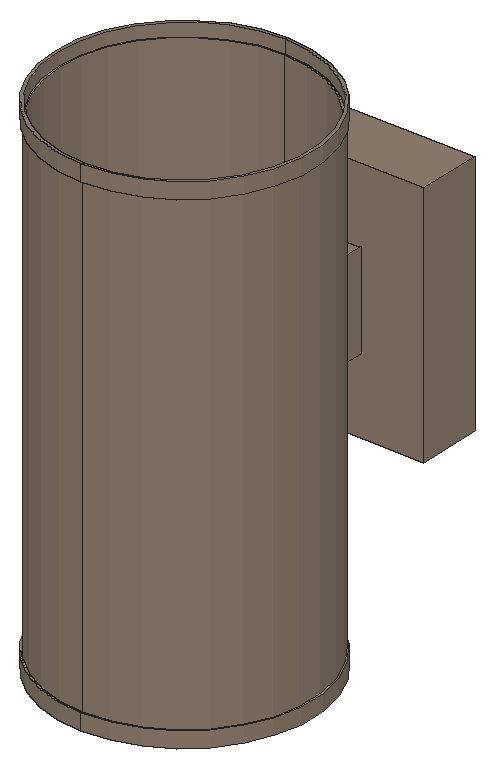
Revit family "CYBU816 - LED-CF", category Lighting Fixtures, host Wall, Revit 2024
Family settings
  Host = Wall
  Round Connector Dimension = Use Diameter
  Part Type = Normal
  OmniClass Number = 23.80.70.00
  OmniClass Title = Lighting
  Always vertical = Yes
  Cut with Voids When Loaded = No
  Light Source = No
  Maintain Annotation Orientation = No
  Shared = No
  Room Calculation Point = No
Parameters
  Default Elevation = 0' - 0"
Reference planes (in)
  plane 1: y = 0
  plane 2 "Light Source Axis (F/B)": y = 8
  plane 3 "Light Source Axis (L/R)": x = -1.43133
  plane 4 "Light Source Elevation": z = 77.42225
Forms (in)
  Extrusion 1, solid, material "86"
    sketch origin (-1.43133, 0, 0) x (0, -1, 0) y (0, 0, 1)
      loop
        line (3, 81.29725) -> (3, 73.54725) -> (5, 73.54725) -> (5, 81.29725) -> (3, 81.29725)
    from -2.75 to 2.75
  Extrusion 2, solid, material "86"
    sketch origin (-1.43133, 0, 0) x (0, -1, 0) y (0, 0, 1)
      loop
        line (5, 78.92225) -> (5, 75.92225) -> (7.09879, 75.92225) -> (7.09879, 78.92225) -> (5, 78.92225)
    from -0.75 to 0.75
  Revolve 3, solid, material "86"
    sketch origin (-1.43133, 0, 0) x (0, -1, 0) y (0, 0, 1)
      loop
        line (6.9375, 84.92225) -> (7, 84.92225) -> (7, 69.92225) -> (6.9375, 69.92225) -> (6.9375, 69.42225) -> (7.03125, 69.42225) -> (7.03125, 69.8285) -> (7.09375, 69.8285) -> (7.09375, 85.016) -> (7.03125, 85.016) -> (7.03125, 85.42225) -> (6.9375, 85.42225) -> (6.9375, 84.92225)
      axis (11, 85.42225) -> (11, 69.42225)
    angle from 0 to 360
Text (in)
  text "Placement Side" at (0, 40.15149, 123.01588), in view "Right"
  text "Placement Side" at (-70.3804, 28.46503, 0), in view "Ref. Level"
  text "Placement Side" at (0, 85.69064, 140.59947), in view "Left"
Dimensions and locks (in)
  aligned: level to host wall
